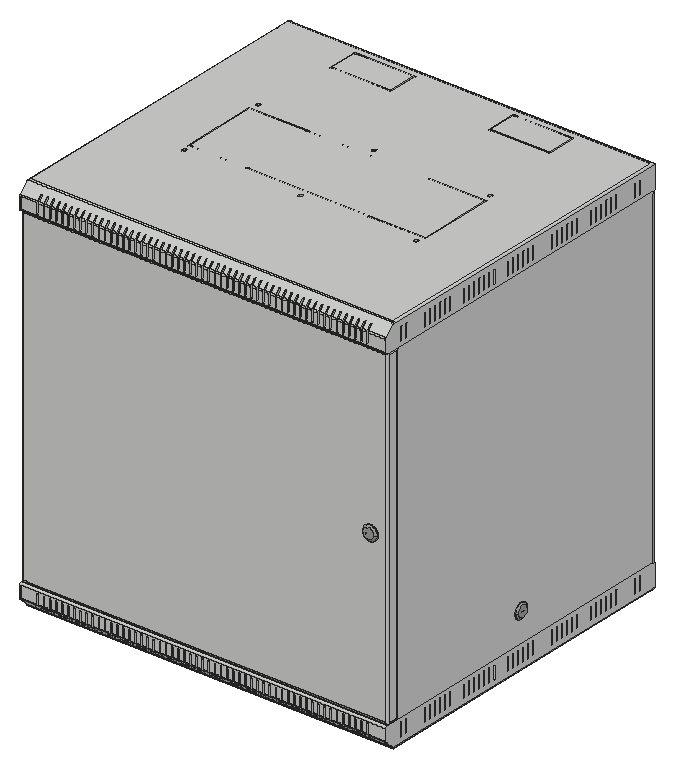
Revit family "600х550", category Обобщенные модели, Revit 2019 (continued)
Definition of nested family "Крышка 550"
  Forms (mm)
    Extrusion 71, void, detail levels medium+fine
      sketch origin (-262.566, 67.262, 0) x (1, 0, 0) y (0, 1, 0)
        loop
          arc (34.066, 172.333) -> (32.566, 173.833) -> (31.066, 172.333) r 1.5
      from 540 to 550 <- "ADSK_Размер_Глубина"
    Extrusion 72, void, detail levels medium+fine
      sketch origin (-252.566, 67.262, 0) x (1, 0, 0) y (0, 1, 0)
        loop
          line (31.066, 172.333) -> (31.066, 148.933)
          arc (31.066, 148.933) -> (32.566, 147.433) -> (34.066, 148.933) r 1.5
          line (34.066, 148.933) -> (34.066, 172.333)
          arc (34.066, 172.333) -> (32.566, 173.833) -> (31.066, 172.333) r 1.5
      from 540 to 550 <- "ADSK_Размер_Глубина"
    Extrusion 73, void, detail levels medium+fine
      sketch origin (-242.566, 67.262, 0) x (1, 0, 0) y (0, 1, 0)
        loop
          line (31.066, 172.333) -> (31.066, 148.933)
          arc (31.066, 148.933) -> (32.566, 147.433) -> (34.066, 148.933) r 1.5
          line (34.066, 148.933) -> (34.066, 172.333)
          arc (34.066, 172.333) -> (32.566, 173.833) -> (31.066, 172.333) r 1.5
      from 540 to 550 <- "ADSK_Размер_Глубина"
    Extrusion 74, void, detail levels medium+fine
      sketch origin (-232.566, 67.262, 0) x (1, 0, 0) y (0, 1, 0)
        loop
          line (31.066, 172.333) -> (31.066, 148.933)
          arc (31.066, 148.933) -> (32.566, 147.433) -> (34.066, 148.933) r 1.5
          line (34.066, 148.933) -> (34.066, 172.333)
          arc (34.066, 172.333) -> (32.566, 173.833) -> (31.066, 172.333) r 1.5
      from 540 to 550 <- "ADSK_Размер_Глубина"
    Extrusion 75, void, detail levels medium+fine
      sketch origin (-222.566, 67.262, 0) x (1, 0, 0) y (0, 1, 0)
        loop
          line (31.066, 172.333) -> (31.066, 148.933)
          arc (31.066, 148.933) -> (32.566, 147.433) -> (34.066, 148.933) r 1.5
          line (34.066, 148.933) -> (34.066, 172.333)
          arc (34.066, 172.333) -> (32.566, 173.833) -> (31.066, 172.333) r 1.5
      from 540 to 550 <- "ADSK_Размер_Глубина"
    Extrusion 76, void, detail levels medium+fine
      sketch origin (-212.566, 67.262, 0) x (1, 0, 0) y (0, 1, 0)
        loop
          line (31.066, 172.333) -> (31.066, 148.933)
          arc (31.066, 148.933) -> (32.566, 147.433) -> (34.066, 148.933) r 1.5
          line (34.066, 148.933) -> (34.066, 172.333)
          arc (34.066, 172.333) -> (32.566, 173.833) -> (31.066, 172.333) r 1.5
      from 540 to 550 <- "ADSK_Размер_Глубина"
    Extrusion 77, void, detail levels medium+fine
      sketch origin (-202.566, 67.262, 0) x (1, 0, 0) y (0, 1, 0)
        loop
          line (31.066, 172.333) -> (31.066, 148.933)
          arc (31.066, 148.933) -> (32.566, 147.433) -> (34.066, 148.933) r 1.5
          line (34.066, 148.933) -> (34.066, 172.333)
          arc (34.066, 172.333) -> (32.566, 173.833) -> (31.066, 172.333) r 1.5
      from 540 to 550 <- "ADSK_Размер_Глубина"
    Extrusion 78, void, detail levels medium+fine
      sketch origin (-192.566, 67.262, 0) x (1, 0, 0) y (0, 1, 0)
        loop
          line (31.066, 172.333) -> (31.066, 148.933)
          arc (31.066, 148.933) -> (32.566, 147.433) -> (34.066, 148.933) r 1.5
          line (34.066, 148.933) -> (34.066, 172.333)
          arc (34.066, 172.333) -> (32.566, 173.833) -> (31.066, 172.333) r 1.5
      from 540 to 550 <- "ADSK_Размер_Глубина"
    Extrusion 79, void, detail levels medium+fine
      sketch origin (-182.566, 67.262, 0) x (1, 0, 0) y (0, 1, 0)
        loop
          line (31.066, 172.333) -> (31.066, 148.933)
          arc (31.066, 148.933) -> (32.566, 147.433) -> (34.066, 148.933) r 1.5
          line (34.066, 148.933) -> (34.066, 172.333)
          arc (34.066, 172.333) -> (32.566, 173.833) -> (31.066, 172.333) r 1.5
      from 540 to 550 <- "ADSK_Размер_Глубина"
    Extrusion 80, void, detail levels medium+fine
      sketch origin (-172.566, 67.262, 0) x (1, 0, 0) y (0, 1, 0)
        loop
          line (31.066, 172.333) -> (31.066, 148.933)
          arc (31.066, 148.933) -> (32.566, 147.433) -> (34.066, 148.933) r 1.5
          line (34.066, 148.933) -> (34.066, 172.333)
          arc (34.066, 172.333) -> (32.566, 173.833) -> (31.066, 172.333) r 1.5
      from 540 to 550 <- "ADSK_Размер_Глубина"
    Extrusion 81, void, detail levels medium+fine
      sketch origin (-162.566, 67.262, 0) x (1, 0, 0) y (0, 1, 0)
        loop
          line (31.066, 172.333) -> (31.066, 148.933)
          arc (31.066, 148.933) -> (32.566, 147.433) -> (34.066, 148.933) r 1.5
          line (34.066, 148.933) -> (34.066, 172.333)
          arc (34.066, 172.333) -> (32.566, 173.833) -> (31.066, 172.333) r 1.5
      from 540 to 550 <- "ADSK_Размер_Глубина"
    Extrusion 82, void, detail levels medium+fine
      sketch origin (-152.566, 67.262, 0) x (1, 0, 0) y (0, 1, 0)
        loop
          line (31.066, 172.333) -> (31.066, 148.933)
          arc (31.066, 148.933) -> (32.566, 147.433) -> (34.066, 148.933) r 1.5
          line (34.066, 148.933) -> (34.066, 172.333)
          arc (34.066, 172.333) -> (32.566, 173.833) -> (31.066, 172.333) r 1.5
      from 540 to 550 <- "ADSK_Размер_Глубина"
    Extrusion 83, void, detail levels medium+fine
      sketch origin (-142.566, 67.262, 0) x (1, 0, 0) y (0, 1, 0)
        loop
          line (31.066, 172.333) -> (31.066, 148.933)
          arc (31.066, 148.933) -> (32.566, 147.433) -> (34.066, 148.933) r 1.5
          line (34.066, 148.933) -> (34.066, 172.333)
          arc (34.066, 172.333) -> (32.566, 173.833) -> (31.066, 172.333) r 1.5
      from 540 to 550 <- "ADSK_Размер_Глубина"
    Extrusion 84, void, detail levels medium+fine
      sketch origin (-132.566, 67.262, 0) x (1, 0, 0) y (0, 1, 0)
        loop
          line (31.066, 172.333) -> (31.066, 148.933)
          arc (31.066, 148.933) -> (32.566, 147.433) -> (34.066, 148.933) r 1.5
          line (34.066, 148.933) -> (34.066, 172.333)
          arc (34.066, 172.333) -> (32.566, 173.833) -> (31.066, 172.333) r 1.5
      from 540 to 550 <- "ADSK_Размер_Глубина"
    Extrusion 85, void, detail levels medium+fine
      sketch origin (-122.566, 67.262, 0) x (1, 0, 0) y (0, 1, 0)
        loop
          line (31.066, 172.333) -> (31.066, 148.933)
          arc (31.066, 148.933) -> (32.566, 147.433) -> (34.066, 148.933) r 1.5
          line (34.066, 148.933) -> (34.066, 172.333)
          arc (34.066, 172.333) -> (32.566, 173.833) -> (31.066, 172.333) r 1.5
      from 540 to 550 <- "ADSK_Размер_Глубина"
    Extrusion 86, void, detail levels medium+fine
      sketch origin (-112.566, 67.262, 0) x (1, 0, 0) y (0, 1, 0)
        loop
          line (31.066, 172.333) -> (31.066, 148.933)
          arc (31.066, 148.933) -> (32.566, 147.433) -> (34.066, 148.933) r 1.5
          line (34.066, 148.933) -> (34.066, 172.333)
          arc (34.066, 172.333) -> (32.566, 173.833) -> (31.066, 172.333) r 1.5
      from 540 to 550 <- "ADSK_Размер_Глубина"
    Extrusion 87, void, detail levels medium+fine
      sketch origin (-102.566, 67.262, 0) x (1, 0, 0) y (0, 1, 0)
        loop
          line (31.066, 172.333) -> (31.066, 148.933)
          arc (31.066, 148.933) -> (32.566, 147.433) -> (34.066, 148.933) r 1.5
          line (34.066, 148.933) -> (34.066, 172.333)
          arc (34.066, 172.333) -> (32.566, 173.833) -> (31.066, 172.333) r 1.5
      from 540 to 550 <- "ADSK_Размер_Глубина"
    Extrusion 88, void, detail levels medium+fine
      sketch origin (-92.566, 67.262, 0) x (1, 0, 0) y (0, 1, 0)
        loop
          line (31.066, 172.333) -> (31.066, 148.933)
          arc (31.066, 148.933) -> (32.566, 147.433) -> (34.066, 148.933) r 1.5
          line (34.066, 148.933) -> (34.066, 172.333)
          arc (34.066, 172.333) -> (32.566, 173.833) -> (31.066, 172.333) r 1.5
      from 540 to 550 <- "ADSK_Размер_Глубина"
    Extrusion 89, void, detail levels medium+fine
      sketch origin (-82.566, 67.262, 0) x (1, 0, 0) y (0, 1, 0)
        loop
          line (31.066, 172.333) -> (31.066, 148.933)
          arc (31.066, 148.933) -> (32.566, 147.433) -> (34.066, 148.933) r 1.5
          line (34.066, 148.933) -> (34.066, 172.333)
          arc (34.066, 172.333) -> (32.566, 173.833) -> (31.066, 172.333) r 1.5
      from 540 to 550 <- "ADSK_Размер_Глубина"
    Extrusion 90, void, detail levels medium+fine
      sketch origin (-72.566, 67.262, 0) x (1, 0, 0) y (0, 1, 0)
        loop
          line (31.066, 172.333) -> (31.066, 148.933)
          arc (31.066, 148.933) -> (32.566, 147.433) -> (34.066, 148.933) r 1.5
          line (34.066, 148.933) -> (34.066, 172.333)
          arc (34.066, 172.333) -> (32.566, 173.833) -> (31.066, 172.333) r 1.5
      from 540 to 550 <- "ADSK_Размер_Глубина"
    Extrusion 91, void, detail levels medium+fine
      sketch origin (-62.566, 67.262, 0) x (1, 0, 0) y (0, 1, 0)
        loop
          line (31.066, 172.333) -> (31.066, 148.933)
          arc (31.066, 148.933) -> (32.566, 147.433) -> (34.066, 148.933) r 1.5
          line (34.066, 148.933) -> (34.066, 172.333)
          arc (34.066, 172.333) -> (32.566, 173.833) -> (31.066, 172.333) r 1.5
      from 540 to 550 <- "ADSK_Размер_Глубина"
    Extrusion 92, void, detail levels medium+fine
      sketch origin (-52.566, 67.262, 0) x (1, 0, 0) y (0, 1, 0)
        loop
          line (31.066, 172.333) -> (31.066, 148.933)
          arc (31.066, 148.933) -> (32.566, 147.433) -> (34.066, 148.933) r 1.5
          line (34.066, 148.933) -> (34.066, 172.333)
          arc (34.066, 172.333) -> (32.566, 173.833) -> (31.066, 172.333) r 1.5
      from 540 to 550 <- "ADSK_Размер_Глубина"
    Extrusion 93, void, detail levels medium+fine
      sketch origin (-42.566, 67.262, 0) x (1, 0, 0) y (0, 1, 0)
        loop
          line (31.066, 172.333) -> (31.066, 148.933)
          arc (31.066, 148.933) -> (32.566, 147.433) -> (34.066, 148.933) r 1.5
          line (34.066, 148.933) -> (34.066, 172.333)
          arc (34.066, 172.333) -> (32.566, 173.833) -> (31.066, 172.333) r 1.5
      from 540 to 550 <- "ADSK_Размер_Глубина"
    Extrusion 94, void, detail levels medium+fine
      sketch origin (-32.566, 67.262, 0) x (1, 0, 0) y (0, 1, 0)
        loop
          line (31.066, 172.333) -> (31.066, 148.933)
          arc (31.066, 148.933) -> (32.566, 147.433) -> (34.066, 148.933) r 1.5
          line (34.066, 148.933) -> (34.066, 172.333)
          arc (34.066, 172.333) -> (32.566, 173.833) -> (31.066, 172.333) r 1.5
      from 540 to 550 <- "ADSK_Размер_Глубина"
    Extrusion 95, void, detail levels medium+fine
      sketch origin (-22.566, 67.262, 0) x (1, 0, 0) y (0, 1, 0)
        loop
          line (31.066, 172.333) -> (31.066, 148.933)
          arc (31.066, 148.933) -> (32.566, 147.433) -> (34.066, 148.933) r 1.5
          line (34.066, 148.933) -> (34.066, 172.333)
          arc (34.066, 172.333) -> (32.566, 173.833) -> (31.066, 172.333) r 1.5
      from 540 to 550 <- "ADSK_Размер_Глубина"
    Extrusion 96, void, detail levels medium+fine
      sketch origin (-12.566, 67.262, 0) x (1, 0, 0) y (0, 1, 0)
        loop
          line (31.066, 172.333) -> (31.066, 148.933)
          arc (31.066, 148.933) -> (32.566, 147.433) -> (34.066, 148.933) r 1.5
          line (34.066, 148.933) -> (34.066, 172.333)
          arc (34.066, 172.333) -> (32.566, 173.833) -> (31.066, 172.333) r 1.5
      from 540 to 550 <- "ADSK_Размер_Глубина"
    Extrusion 97, void, detail levels medium+fine
      sketch origin (-2.566, 67.262, 0) x (1, 0, 0) y (0, 1, 0)
        loop
          line (31.066, 172.333) -> (31.066, 148.933)
          arc (31.066, 148.933) -> (32.566, 147.433) -> (34.066, 148.933) r 1.5
          line (34.066, 148.933) -> (34.066, 172.333)
          arc (34.066, 172.333) -> (32.566, 173.833) -> (31.066, 172.333) r 1.5
      from 540 to 550 <- "ADSK_Размер_Глубина"
    Extrusion 98, void, detail levels medium+fine
      sketch origin (7.434, 67.262, 0) x (1, 0, 0) y (0, 1, 0)
        loop
          line (31.066, 172.333) -> (31.066, 148.933)
          arc (31.066, 148.933) -> (32.566, 147.433) -> (34.066, 148.933) r 1.5
          line (34.066, 148.933) -> (34.066, 172.333)
          arc (34.066, 172.333) -> (32.566, 173.833) -> (31.066, 172.333) r 1.5
      from 540 to 550 <- "ADSK_Размер_Глубина"
    Extrusion 99, void, detail levels medium+fine
      sketch origin (17.434, 67.262, 0) x (1, 0, 0) y (0, 1, 0)
        loop
          line (31.066, 172.333) -> (31.066, 148.933)
          arc (31.066, 148.933) -> (32.566, 147.433) -> (34.066, 148.933) r 1.5
          line (34.066, 148.933) -> (34.066, 172.333)
          arc (34.066, 172.333) -> (32.566, 173.833) -> (31.066, 172.333) r 1.5
      from 540 to 550 <- "ADSK_Размер_Глубина"
    Extrusion 100, void, detail levels medium+fine
      sketch origin (27.434, 67.262, 0) x (1, 0, 0) y (0, 1, 0)
        loop
          line (31.066, 172.333) -> (31.066, 148.933)
          arc (31.066, 148.933) -> (32.566, 147.433) -> (34.066, 148.933) r 1.5
          line (34.066, 148.933) -> (34.066, 172.333)
          arc (34.066, 172.333) -> (32.566, 173.833) -> (31.066, 172.333) r 1.5
      from 540 to 550 <- "ADSK_Размер_Глубина"
    Extrusion 101, void, detail levels medium+fine
      sketch origin (37.434, 67.262, 0) x (1, 0, 0) y (0, 1, 0)
        loop
          line (31.066, 172.333) -> (31.066, 148.933)
          arc (31.066, 148.933) -> (32.566, 147.433) -> (34.066, 148.933) r 1.5
          line (34.066, 148.933) -> (34.066, 172.333)
          arc (34.066, 172.333) -> (32.566, 173.833) -> (31.066, 172.333) r 1.5
      from 540 to 550 <- "ADSK_Размер_Глубина"
    Extrusion 102, void, detail levels medium+fine
      sketch origin (47.434, 67.262, 0) x (1, 0, 0) y (0, 1, 0)
        loop
          line (31.066, 172.333) -> (31.066, 148.933)
          arc (31.066, 148.933) -> (32.566, 147.433) -> (34.066, 148.933) r 1.5
          line (34.066, 148.933) -> (34.066, 172.333)
          arc (34.066, 172.333) -> (32.566, 173.833) -> (31.066, 172.333) r 1.5
      from 540 to 550 <- "ADSK_Размер_Глубина"
    Extrusion 103, void, detail levels medium+fine
      sketch origin (57.434, 67.262, 0) x (1, 0, 0) y (0, 1, 0)
        loop
          line (31.066, 172.333) -> (31.066, 148.933)
          arc (31.066, 148.933) -> (32.566, 147.433) -> (34.066, 148.933) r 1.5
          line (34.066, 148.933) -> (34.066, 172.333)
          arc (34.066, 172.333) -> (32.566, 173.833) -> (31.066, 172.333) r 1.5
      from 540 to 550 <- "ADSK_Размер_Глубина"
    Extrusion 104, void, detail levels medium+fine
      sketch origin (67.434, 67.262, 0) x (1, 0, 0) y (0, 1, 0)
        loop
          line (31.066, 172.333) -> (31.066, 148.933)
          arc (31.066, 148.933) -> (32.566, 147.433) -> (34.066, 148.933) r 1.5
          line (34.066, 148.933) -> (34.066, 172.333)
          arc (34.066, 172.333) -> (32.566, 173.833) -> (31.066, 172.333) r 1.5
      from 540 to 550 <- "ADSK_Размер_Глубина"
    Extrusion 105, void, detail levels medium+fine
      sketch origin (77.434, 67.262, 0) x (1, 0, 0) y (0, 1, 0)
        loop
          line (31.066, 172.333) -> (31.066, 148.933)
          arc (31.066, 148.933) -> (32.566, 147.433) -> (34.066, 148.933) r 1.5
          line (34.066, 148.933) -> (34.066, 172.333)
          arc (34.066, 172.333) -> (32.566, 173.833) -> (31.066, 172.333) r 1.5
      from 540 to 550 <- "ADSK_Размер_Глубина"
    Extrusion 106, void, detail levels medium+fine
      sketch origin (87.434, 67.262, 0) x (1, 0, 0) y (0, 1, 0)
        loop
          line (31.066, 172.333) -> (31.066, 148.933)
          arc (31.066, 148.933) -> (32.566, 147.433) -> (34.066, 148.933) r 1.5
          line (34.066, 148.933) -> (34.066, 172.333)
          arc (34.066, 172.333) -> (32.566, 173.833) -> (31.066, 172.333) r 1.5
      from 540 to 550 <- "ADSK_Размер_Глубина"
    Extrusion 107, void, detail levels medium+fine
      sketch origin (97.434, 67.262, 0) x (1, 0, 0) y (0, 1, 0)
        loop
          line (31.066, 172.333) -> (31.066, 148.933)
          arc (31.066, 148.933) -> (32.566, 147.433) -> (34.066, 148.933) r 1.5
          line (34.066, 148.933) -> (34.066, 172.333)
          arc (34.066, 172.333) -> (32.566, 173.833) -> (31.066, 172.333) r 1.5
      from 540 to 550 <- "ADSK_Размер_Глубина"
    Extrusion 108, void, detail levels medium+fine
      sketch origin (107.434, 67.262, 0) x (1, 0, 0) y (0, 1, 0)
        loop
          line (31.066, 172.333) -> (31.066, 148.933)
          arc (31.066, 148.933) -> (32.566, 147.433) -> (34.066, 148.933) r 1.5
          line (34.066, 148.933) -> (34.066, 172.333)
          arc (34.066, 172.333) -> (32.566, 173.833) -> (31.066, 172.333) r 1.5
      from 540 to 550 <- "ADSK_Размер_Глубина"
    Extrusion 109, void, detail levels medium+fine
      sketch origin (117.434, 67.262, 0) x (1, 0, 0) y (0, 1, 0)
        loop
          line (31.066, 172.333) -> (31.066, 148.933)
          arc (31.066, 148.933) -> (32.566, 147.433) -> (34.066, 148.933) r 1.5
          line (34.066, 148.933) -> (34.066, 172.333)
          arc (34.066, 172.333) -> (32.566, 173.833) -> (31.066, 172.333) r 1.5
      from 540 to 550 <- "ADSK_Размер_Глубина"
    Extrusion 110, void, detail levels medium+fine
      sketch origin (127.434, 67.262, 0) x (1, 0, 0) y (0, 1, 0)
        loop
          line (31.066, 172.333) -> (31.066, 148.933)
          arc (31.066, 148.933) -> (32.566, 147.433) -> (34.066, 148.933) r 1.5
          line (34.066, 148.933) -> (34.066, 172.333)
          arc (34.066, 172.333) -> (32.566, 173.833) -> (31.066, 172.333) r 1.5
      from 540 to 550 <- "ADSK_Размер_Глубина"
    Extrusion 111, void, detail levels medium+fine
      sketch origin (137.434, 67.262, 0) x (1, 0, 0) y (0, 1, 0)
        loop
          line (31.066, 172.333) -> (31.066, 148.933)
          arc (31.066, 148.933) -> (32.566, 147.433) -> (34.066, 148.933) r 1.5
          line (34.066, 148.933) -> (34.066, 172.333)
          arc (34.066, 172.333) -> (32.566, 173.833) -> (31.066, 172.333) r 1.5
      from 540 to 550 <- "ADSK_Размер_Глубина"
    Extrusion 112, void, detail levels medium+fine
      sketch origin (147.434, 67.262, 0) x (1, 0, 0) y (0, 1, 0)
        loop
          line (31.066, 172.333) -> (31.066, 148.933)
          arc (31.066, 148.933) -> (32.566, 147.433) -> (34.066, 148.933) r 1.5
          line (34.066, 148.933) -> (34.066, 172.333)
          arc (34.066, 172.333) -> (32.566, 173.833) -> (31.066, 172.333) r 1.5
      from 540 to 550 <- "ADSK_Размер_Глубина"
    Extrusion 113, void, detail levels medium+fine
      sketch origin (157.434, 67.262, 0) x (1, 0, 0) y (0, 1, 0)
        loop
          line (31.066, 172.333) -> (31.066, 148.933)
          arc (31.066, 148.933) -> (32.566, 147.433) -> (34.066, 148.933) r 1.5
          line (34.066, 148.933) -> (34.066, 172.333)
          arc (34.066, 172.333) -> (32.566, 173.833) -> (31.066, 172.333) r 1.5
      from 540 to 550 <- "ADSK_Размер_Глубина"
    Extrusion 114, void, detail levels medium+fine
      sketch origin (167.434, 67.262, 0) x (1, 0, 0) y (0, 1, 0)
        loop
          line (31.066, 172.333) -> (31.066, 148.933)
          arc (31.066, 148.933) -> (32.566, 147.433) -> (34.066, 148.933) r 1.5
          line (34.066, 148.933) -> (34.066, 172.333)
          arc (34.066, 172.333) -> (32.566, 173.833) -> (31.066, 172.333) r 1.5
      from 540 to 550 <- "ADSK_Размер_Глубина"
    Extrusion 115, void, detail levels medium+fine
      sketch origin (177.434, 67.262, 0) x (1, 0, 0) y (0, 1, 0)
        loop
          line (31.066, 172.333) -> (31.066, 148.933)
          arc (31.066, 148.933) -> (32.566, 147.433) -> (34.066, 148.933) r 1.5
          line (34.066, 148.933) -> (34.066, 172.333)
          arc (34.066, 172.333) -> (32.566, 173.833) -> (31.066, 172.333) r 1.5
      from 540 to 550 <- "ADSK_Размер_Глубина"
    Extrusion 116, void, detail levels medium+fine
      sketch origin (187.434, 67.262, 0) x (1, 0, 0) y (0, 1, 0)
        loop
          line (31.066, 172.333) -> (31.066, 148.933)
          arc (31.066, 148.933) -> (32.566, 147.433) -> (34.066, 148.933) r 1.5
          line (34.066, 148.933) -> (34.066, 172.333)
          arc (34.066, 172.333) -> (32.566, 173.833) -> (31.066, 172.333) r 1.5
      from 540 to 550 <- "ADSK_Размер_Глубина"
    Extrusion 117, void, detail levels medium+fine
      sketch origin (197.434, 67.262, 0) x (1, 0, 0) y (0, 1, 0)
        loop
          line (31.066, 172.333) -> (31.066, 148.933)
          arc (31.066, 148.933) -> (32.566, 147.433) -> (34.066, 148.933) r 1.5
          line (34.066, 148.933) -> (34.066, 172.333)
          arc (34.066, 172.333) -> (32.566, 173.833) -> (31.066, 172.333) r 1.5
      from 540 to 550 <- "ADSK_Размер_Глубина"
    Extrusion 118, void, detail levels medium+fine
      sketch origin (207.434, 67.262, 0) x (1, 0, 0) y (0, 1, 0)
        loop
          line (31.066, 172.333) -> (31.066, 148.933)
          arc (31.066, 148.933) -> (32.566, 147.433) -> (34.066, 148.933) r 1.5
          line (34.066, 148.933) -> (34.066, 172.333)
          arc (34.066, 172.333) -> (32.566, 173.833) -> (31.066, 172.333) r 1.5
      from 540 to 550 <- "ADSK_Размер_Глубина"
    Extrusion 119, void, detail levels medium+fine
      sketch origin (217.434, 67.262, 0) x (1, 0, 0) y (0, 1, 0)
        loop
          line (31.066, 172.333) -> (31.066, 148.933)
          arc (31.066, 148.933) -> (32.566, 147.433) -> (34.066, 148.933) r 1.5
          line (34.066, 148.933) -> (34.066, 172.333)
          arc (34.066, 172.333) -> (32.566, 173.833) -> (31.066, 172.333) r 1.5
      from 540 to 550 <- "ADSK_Размер_Глубина"
    Extrusion 120, void, detail levels medium+fine
      sketch origin (227.434, 67.262, 0) x (1, 0, 0) y (0, 1, 0)
        loop
          line (31.066, 172.333) -> (31.066, 148.933)
          arc (31.066, 148.933) -> (32.566, 147.433) -> (34.066, 148.933) r 1.5
          line (34.066, 148.933) -> (34.066, 172.333)
          arc (34.066, 172.333) -> (32.566, 173.833) -> (31.066, 172.333) r 1.5
      from 540 to 550 <- "ADSK_Размер_Глубина"
    Extrusion 121, void, detail levels medium+fine
      sketch origin (237.434, 67.262, 0) x (1, 0, 0) y (0, 1, 0)
        loop
          line (31.066, 172.333) -> (31.066, 148.933)
          arc (31.066, 148.933) -> (32.566, 147.433) -> (34.066, 148.933) r 1.5
          line (34.066, 148.933) -> (34.066, 172.333)
          arc (34.066, 172.333) -> (32.566, 173.833) -> (31.066, 172.333) r 1.5
      from 540 to 550 <- "ADSK_Размер_Глубина"
    Extrusion 122, void, detail levels medium+fine
      sketch origin (0, 0, -154.506) x (0, 1, 0) y (0, 0, -1)
        loop
          arc (238.196, -526.499) -> (239.942, -524.752) -> (238.196, -523.006) r 1.747
          line (238.196, -523.006) -> (216.196, -523.006)
          arc (216.196, -523.006) -> (214.449, -524.752) -> (216.196, -526.499) r 1.747
          line (216.196, -526.499) -> (238.196, -526.499)
      from 299 to 300
    Extrusion 123, void, detail levels medium+fine
      sketch origin (0, 0, -174.506) x (0, 1, 0) y (0, 0, -1)
        loop
          arc (238.196, -526.499) -> (239.942, -524.752) -> (238.196, -523.006) r 1.747
          line (238.196, -523.006) -> (216.196, -523.006)
          arc (216.196, -523.006) -> (214.449, -524.752) -> (216.196, -526.499) r 1.747
          line (216.196, -526.499) -> (238.196, -526.499)
      from 299 to 300
    Extrusion 124, void, detail levels medium+fine
      sketch origin (0, 0, -164.506) x (0, 1, 0) y (0, 0, -1)
        loop
          arc (238.196, -526.499) -> (239.942, -524.752) -> (238.196, -523.006) r 1.747
          line (238.196, -523.006) -> (216.196, -523.006)
          arc (216.196, -523.006) -> (214.449, -524.752) -> (216.196, -526.499) r 1.747
          line (216.196, -526.499) -> (238.196, -526.499)
      from 299 to 300
    Extrusion 125, void, detail levels medium+fine
      sketch origin (0, 0, -184.506) x (0, 1, 0) y (0, 0, -1)
        loop
          arc (238.196, -526.499) -> (239.942, -524.752) -> (238.196, -523.006) r 1.747
          line (238.196, -523.006) -> (216.196, -523.006)
          arc (216.196, -523.006) -> (214.449, -524.752) -> (216.196, -526.499) r 1.747
          line (216.196, -526.499) -> (238.196, -526.499)
      from 299 to 300
    Extrusion 126, void, detail levels medium+fine
      sketch origin (0, 0, -204.506) x (0, 1, 0) y (0, 0, -1)
        loop
          arc (238.196, -426.499) -> (239.942, -424.752) -> (238.196, -423.006) r 1.747
          line (238.196, -423.006) -> (216.196, -423.006)
          arc (216.196, -423.006) -> (214.449, -424.752) -> (216.196, -426.499) r 1.747
          line (216.196, -426.499) -> (238.196, -426.499)
      from 299 to 300
    Extrusion 127, void, detail levels medium+fine
      sketch origin (0, 0, -194.506) x (0, 1, 0) y (0, 0, -1)
        loop
          arc (238.196, -526.499) -> (239.942, -524.752) -> (238.196, -523.006) r 1.747
          line (238.196, -523.006) -> (216.196, -523.006)
          arc (216.196, -523.006) -> (214.449, -524.752) -> (216.196, -526.499) r 1.747
          line (216.196, -526.499) -> (238.196, -526.499)
      from 299 to 300
    Extrusion 128, void, detail levels medium+fine
      sketch origin (0, 0, -214.506) x (0, 1, 0) y (0, 0, -1)
        loop
          arc (238.196, -426.499) -> (239.942, -424.752) -> (238.196, -423.006) r 1.747
          line (238.196, -423.006) -> (216.196, -423.006)
          arc (216.196, -423.006) -> (214.449, -424.752) -> (216.196, -426.499) r 1.747
          line (216.196, -426.499) -> (238.196, -426.499)
      from 299 to 300
    Extrusion 129, void, detail levels medium+fine
      sketch origin (0, 0, -234.506) x (0, 1, 0) y (0, 0, -1)
        loop
          arc (238.196, -426.499) -> (239.942, -424.752) -> (238.196, -423.006) r 1.747
          line (238.196, -423.006) -> (216.196, -423.006)
          arc (216.196, -423.006) -> (214.449, -424.752) -> (216.196, -426.499) r 1.747
          line (216.196, -426.499) -> (238.196, -426.499)
      from 299 to 300
    Extrusion 130, void, detail levels medium+fine
      sketch origin (0, 0, -224.506) x (0, 1, 0) y (0, 0, -1)
        loop
          arc (238.196, -426.499) -> (239.942, -424.752) -> (238.196, -423.006) r 1.747
          line (238.196, -423.006) -> (216.196, -423.006)
          arc (216.196, -423.006) -> (214.449, -424.752) -> (216.196, -426.499) r 1.747
          line (216.196, -426.499) -> (238.196, -426.499)
      from 299 to 300
    Extrusion 131, void, detail levels medium+fine
      sketch origin (0, 0, -244.506) x (0, 1, 0) y (0, 0, -1)
        loop
          arc (238.196, -426.499) -> (239.942, -424.752) -> (238.196, -423.006) r 1.747
          line (238.196, -423.006) -> (216.196, -423.006)
          arc (216.196, -423.006) -> (214.449, -424.752) -> (216.196, -426.499) r 1.747
          line (216.196, -426.499) -> (238.196, -426.499)
      from 299 to 300
    Extrusion 132, void, detail levels medium+fine
      sketch origin (0, 0, -194.506) x (0, 1, 0) y (0, 0, 1)
        loop
          line (238.196, 526.499) -> (216.196, 526.499)
          arc (216.196, 526.499) -> (214.449, 524.752) -> (216.196, 523.006) r 1.747
          line (216.196, 523.006) -> (238.196, 523.006)
          arc (238.196, 523.006) -> (239.942, 524.752) -> (238.196, 526.499) r 1.747
      from 299 to 300
    Extrusion 133, void, detail levels medium+fine
      sketch origin (0, 0, -184.506) x (0, 1, 0) y (0, 0, 1)
        loop
          line (238.196, 526.499) -> (216.196, 526.499)
          arc (216.196, 526.499) -> (214.449, 524.752) -> (216.196, 523.006) r 1.747
          line (216.196, 523.006) -> (238.196, 523.006)
          arc (238.196, 523.006) -> (239.942, 524.752) -> (238.196, 526.499) r 1.747
      from 299 to 300
    Extrusion 134, void, detail levels medium+fine
      sketch origin (0, 0, -174.506) x (0, 1, 0) y (0, 0, 1)
        loop
          line (238.196, 526.499) -> (216.196, 526.499)
          arc (216.196, 526.499) -> (214.449, 524.752) -> (216.196, 523.006) r 1.747
          line (216.196, 523.006) -> (238.196, 523.006)
          arc (238.196, 523.006) -> (239.942, 524.752) -> (238.196, 526.499) r 1.747
      from 299 to 300
    Extrusion 135, void, detail levels medium+fine
      sketch origin (0, 0, -164.506) x (0, 1, 0) y (0, 0, 1)
        loop
          line (238.196, 526.499) -> (216.196, 526.499)
          arc (216.196, 526.499) -> (214.449, 524.752) -> (216.196, 523.006) r 1.747
          line (216.196, 523.006) -> (238.196, 523.006)
          arc (238.196, 523.006) -> (239.942, 524.752) -> (238.196, 526.499) r 1.747
      from 299 to 300
    Extrusion 136, void, detail levels medium+fine
      sketch origin (0, 0, -154.506) x (0, 1, 0) y (0, 0, 1)
        loop
          line (238.196, 526.499) -> (216.196, 526.499)
          arc (216.196, 526.499) -> (214.449, 524.752) -> (216.196, 523.006) r 1.747
          line (216.196, 523.006) -> (238.196, 523.006)
          arc (238.196, 523.006) -> (239.942, 524.752) -> (238.196, 526.499) r 1.747
      from 299 to 300
    Extrusion 137, void, detail levels medium+fine
      sketch origin (0, 0, -244.506) x (0, 1, 0) y (0, 0, -1)
        loop
          arc (238.196, -526.499) -> (239.942, -524.752) -> (238.196, -523.006) r 1.747
          line (238.196, -523.006) -> (216.196, -523.006)
          arc (216.196, -523.006) -> (214.449, -524.752) -> (216.196, -526.499) r 1.747
          line (216.196, -526.499) -> (238.196, -526.499)
      from 299 to 300
    Extrusion 138, void, detail levels medium+fine
      sketch origin (0, 0, -234.506) x (0, 1, 0) y (0, 0, -1)
        loop
          arc (238.196, -526.499) -> (239.942, -524.752) -> (238.196, -523.006) r 1.747
          line (238.196, -523.006) -> (216.196, -523.006)
          arc (216.196, -523.006) -> (214.449, -524.752) -> (216.196, -526.499) r 1.747
          line (216.196, -526.499) -> (238.196, -526.499)
      from 299 to 300
    Extrusion 139, void, detail levels medium+fine
      sketch origin (0, 0, -224.506) x (0, 1, 0) y (0, 0, -1)
        loop
          arc (238.196, -526.499) -> (239.942, -524.752) -> (238.196, -523.006) r 1.747
          line (238.196, -523.006) -> (216.196, -523.006)
          arc (216.196, -523.006) -> (214.449, -524.752) -> (216.196, -526.499) r 1.747
          line (216.196, -526.499) -> (238.196, -526.499)
      from 299 to 300
    Extrusion 140, void, detail levels medium+fine
      sketch origin (0, 0, -214.506) x (0, 1, 0) y (0, 0, -1)
        loop
          arc (238.196, -526.499) -> (239.942, -524.752) -> (238.196, -523.006) r 1.747
          line (238.196, -523.006) -> (216.196, -523.006)
          arc (216.196, -523.006) -> (214.449, -524.752) -> (216.196, -526.499) r 1.747
          line (216.196, -526.499) -> (238.196, -526.499)
      from 299 to 300
    Extrusion 141, void, detail levels medium+fine
      sketch origin (0, 0, -204.506) x (0, 1, 0) y (0, 0, -1)
        loop
          arc (238.196, -526.499) -> (239.942, -524.752) -> (238.196, -523.006) r 1.747
          line (238.196, -523.006) -> (216.196, -523.006)
          arc (216.196, -523.006) -> (214.449, -524.752) -> (216.196, -526.499) r 1.747
          line (216.196, -526.499) -> (238.196, -526.499)
      from 299 to 300
    Extrusion 142, void, detail levels medium+fine
      sketch origin (0, 0, -254.506) x (0, 1, 0) y (0, 0, -1)
        loop
          arc (238.196, -526.499) -> (239.942, -524.752) -> (238.196, -523.006) r 1.747
          line (238.196, -523.006) -> (216.196, -523.006)
          arc (216.196, -523.006) -> (214.449, -524.752) -> (216.196, -526.499) r 1.747
          line (216.196, -526.499) -> (238.196, -526.499)
      from 299 to 300
    Extrusion 143, void, detail levels medium+fine
      sketch origin (0, 0, -274.506) x (0, 1, 0) y (0, 0, -1)
        loop
          arc (238.196, -526.499) -> (239.942, -524.752) -> (238.196, -523.006) r 1.747
          line (238.196, -523.006) -> (216.196, -523.006)
          arc (216.196, -523.006) -> (214.449, -524.752) -> (216.196, -526.499) r 1.747
          line (216.196, -526.499) -> (238.196, -526.499)
      from 299 to 300
    Extrusion 144, void, detail levels medium+fine
      sketch origin (0, 0, -264.506) x (0, 1, 0) y (0, 0, -1)
        loop
          arc (238.196, -526.499) -> (239.942, -524.752) -> (238.196, -523.006) r 1.747
          line (238.196, -523.006) -> (216.196, -523.006)
          arc (216.196, -523.006) -> (214.449, -524.752) -> (216.196, -526.499) r 1.747
          line (216.196, -526.499) -> (238.196, -526.499)
      from 299 to 300
    Extrusion 145, void, detail levels medium+fine
      sketch origin (0, 0, -284.506) x (0, 1, 0) y (0, 0, -1)
        loop
          arc (238.196, -526.499) -> (239.942, -524.752) -> (238.196, -523.006) r 1.747
          line (238.196, -523.006) -> (216.196, -523.006)
          arc (216.196, -523.006) -> (214.449, -524.752) -> (216.196, -526.499) r 1.747
          line (216.196, -526.499) -> (238.196, -526.499)
      from 299 to 300
    Extrusion 146, void, detail levels medium+fine
      sketch origin (0, 0, -294.506) x (0, 1, 0) y (0, 0, -1)
        loop
          arc (238.196, -526.499) -> (239.942, -524.752) -> (238.196, -523.006) r 1.747
          line (238.196, -523.006) -> (216.196, -523.006)
          arc (216.196, -523.006) -> (214.449, -524.752) -> (216.196, -526.499) r 1.747
          line (216.196, -526.499) -> (238.196, -526.499)
      from 299 to 300
    Extrusion 147, void, detail levels medium+fine
      sketch origin (0, 0, -244.506) x (0, 1, 0) y (0, 0, 1)
        loop
          line (238.196, 526.499) -> (216.196, 526.499)
          arc (216.196, 526.499) -> (214.449, 524.752) -> (216.196, 523.006) r 1.747
          line (216.196, 523.006) -> (238.196, 523.006)
          arc (238.196, 523.006) -> (239.942, 524.752) -> (238.196, 526.499) r 1.747
      from 299 to 300
    Extrusion 148, void, detail levels medium+fine
      sketch origin (0, 0, -234.506) x (0, 1, 0) y (0, 0, 1)
        loop
          line (238.196, 526.499) -> (216.196, 526.499)
          arc (216.196, 526.499) -> (214.449, 524.752) -> (216.196, 523.006) r 1.747
          line (216.196, 523.006) -> (238.196, 523.006)
          arc (238.196, 523.006) -> (239.942, 524.752) -> (238.196, 526.499) r 1.747
      from 299 to 300
    Extrusion 149, void, detail levels medium+fine
      sketch origin (0, 0, -224.506) x (0, 1, 0) y (0, 0, 1)
        loop
          line (238.196, 526.499) -> (216.196, 526.499)
          arc (216.196, 526.499) -> (214.449, 524.752) -> (216.196, 523.006) r 1.747
          line (216.196, 523.006) -> (238.196, 523.006)
          arc (238.196, 523.006) -> (239.942, 524.752) -> (238.196, 526.499) r 1.747
      from 299 to 300
    Extrusion 150, void, detail levels medium+fine
      sketch origin (0, 0, -214.506) x (0, 1, 0) y (0, 0, 1)
        loop
          line (238.196, 526.499) -> (216.196, 526.499)
          arc (216.196, 526.499) -> (214.449, 524.752) -> (216.196, 523.006) r 1.747
          line (216.196, 523.006) -> (238.196, 523.006)
          arc (238.196, 523.006) -> (239.942, 524.752) -> (238.196, 526.499) r 1.747
      from 299 to 300
    Extrusion 151, void, detail levels medium+fine
      sketch origin (0, 0, -204.506) x (0, 1, 0) y (0, 0, 1)
        loop
          line (238.196, 526.499) -> (216.196, 526.499)
          arc (216.196, 526.499) -> (214.449, 524.752) -> (216.196, 523.006) r 1.747
          line (216.196, 523.006) -> (238.196, 523.006)
          arc (238.196, 523.006) -> (239.942, 524.752) -> (238.196, 526.499) r 1.747
      from 299 to 300
    Extrusion 152, void, detail levels medium+fine
      sketch origin (0, 0, -294.506) x (0, 1, 0) y (0, 0, 1)
        loop
          line (238.196, 526.499) -> (216.196, 526.499)
          arc (216.196, 526.499) -> (214.449, 524.752) -> (216.196, 523.006) r 1.747
          line (216.196, 523.006) -> (238.196, 523.006)
          arc (238.196, 523.006) -> (239.942, 524.752) -> (238.196, 526.499) r 1.747
      from 299 to 300
    Extrusion 153, void, detail levels medium+fine
      sketch origin (0, 0, -284.506) x (0, 1, 0) y (0, 0, 1)
        loop
          line (238.196, 526.499) -> (216.196, 526.499)
          arc (216.196, 526.499) -> (214.449, 524.752) -> (216.196, 523.006) r 1.747
          line (216.196, 523.006) -> (238.196, 523.006)
          arc (238.196, 523.006) -> (239.942, 524.752) -> (238.196, 526.499) r 1.747
      from 299 to 300
    Extrusion 154, void, detail levels medium+fine
      sketch origin (0, 0, -274.506) x (0, 1, 0) y (0, 0, 1)
        loop
          line (238.196, 526.499) -> (216.196, 526.499)
          arc (216.196, 526.499) -> (214.449, 524.752) -> (216.196, 523.006) r 1.747
          line (216.196, 523.006) -> (238.196, 523.006)
          arc (238.196, 523.006) -> (239.942, 524.752) -> (238.196, 526.499) r 1.747
      from 299 to 300
    Extrusion 155, void, detail levels medium+fine
      sketch origin (0, 0, -264.506) x (0, 1, 0) y (0, 0, 1)
        loop
          line (238.196, 526.499) -> (216.196, 526.499)
          arc (216.196, 526.499) -> (214.449, 524.752) -> (216.196, 523.006) r 1.747
          line (216.196, 523.006) -> (238.196, 523.006)
          arc (238.196, 523.006) -> (239.942, 524.752) -> (238.196, 526.499) r 1.747
      from 299 to 300
    Extrusion 156, void, detail levels medium+fine
      sketch origin (0, 0, -254.506) x (0, 1, 0) y (0, 0, 1)
        loop
          line (238.196, 526.499) -> (216.196, 526.499)
          arc (216.196, 526.499) -> (214.449, 524.752) -> (216.196, 523.006) r 1.747
          line (216.196, 523.006) -> (238.196, 523.006)
          arc (238.196, 523.006) -> (239.942, 524.752) -> (238.196, 526.499) r 1.747
      from 299 to 300
    Extrusion 157, void, detail levels medium+fine
      sketch origin (0, 0, -334.506) x (0, 1, 0) y (0, 0, 1)
        loop
          line (238.196, 526.499) -> (216.196, 526.499)
          arc (216.196, 526.499) -> (214.449, 524.752) -> (216.196, 523.006) r 1.747
          line (216.196, 523.006) -> (238.196, 523.006)
          arc (238.196, 523.006) -> (239.942, 524.752) -> (238.196, 526.499) r 1.747
      from 299 to 300
    Extrusion 158, void, detail levels medium+fine
      sketch origin (0, 0, -324.506) x (0, 1, 0) y (0, 0, 1)
        loop
          line (238.196, 526.499) -> (216.196, 526.499)
          arc (216.196, 526.499) -> (214.449, 524.752) -> (216.196, 523.006) r 1.747
          line (216.196, 523.006) -> (238.196, 523.006)
          arc (238.196, 523.006) -> (239.942, 524.752) -> (238.196, 526.499) r 1.747
      from 299 to 300
    Extrusion 159, void, detail levels medium+fine
      sketch origin (0, 0, -314.506) x (0, 1, 0) y (0, 0, 1)
        loop
          line (238.196, 526.499) -> (216.196, 526.499)
          arc (216.196, 526.499) -> (214.449, 524.752) -> (216.196, 523.006) r 1.747
          line (216.196, 523.006) -> (238.196, 523.006)
          arc (238.196, 523.006) -> (239.942, 524.752) -> (238.196, 526.499) r 1.747
      from 299 to 300
    Extrusion 160, void, detail levels medium+fine
      sketch origin (0, 0, -304.506) x (0, 1, 0) y (0, 0, 1)
        loop
          line (238.196, 526.499) -> (216.196, 526.499)
          arc (216.196, 526.499) -> (214.449, 524.752) -> (216.196, 523.006) r 1.747
          line (216.196, 523.006) -> (238.196, 523.006)
          arc (238.196, 523.006) -> (239.942, 524.752) -> (238.196, 526.499) r 1.747
      from 299 to 300
    Extrusion 161, void, detail levels medium+fine
      sketch origin (0, 0, -344.506) x (0, 1, 0) y (0, 0, 1)
        loop
          line (238.196, 526.499) -> (216.196, 526.499)
          arc (216.196, 526.499) -> (214.449, 524.752) -> (216.196, 523.006) r 1.747
          line (216.196, 523.006) -> (238.196, 523.006)
          arc (238.196, 523.006) -> (239.942, 524.752) -> (238.196, 526.499) r 1.747
      from 299 to 300
  Cuts and joins
    Extrusion 3, Extrusion 4, Extrusion 5, Extrusion 6, Extrusion 7, Extrusion 8, Extrusion 9, Extrusion 10, Extrusion 11, Extrusion 12, Extrusion 13, Extrusion 14, Extrusion 15, Extrusion 16, Extrusion 17, Extrusion 18, Extrusion 19, Extrusion 20, Extrusion 21, Extrusion 22, Extrusion 23, Extrusion 24, Extrusion 25, Extrusion 26, Extrusion 27, Extrusion 28, Extrusion 29, Extrusion 30, Extrusion 31, Extrusion 32, Extrusion 33, Extrusion 34, Extrusion 35, Extrusion 36, Extrusion 37, Extrusion 38, Extrusion 39, Extrusion 40, Extrusion 41, Extrusion 42, Extrusion 43, Extrusion 44, Extrusion 45, Extrusion 46, Extrusion 47, Extrusion 48, Extrusion 49, Extrusion 50, Extrusion 51, Extrusion 52, Extrusion 53, Extrusion 54, Extrusion 55, Extrusion 56, Extrusion 57, Extrusion 58, Extrusion 59, Extrusion 60, Extrusion 61, Extrusion 62, Extrusion 63, Extrusion 64, Extrusion 65, Extrusion 66, Extrusion 67, Extrusion 68, Extrusion 69, Extrusion 70, Extrusion 71, Extrusion 72, Extrusion 73, Extrusion 74, Extrusion 75, Extrusion 76, Extrusion 77, Extrusion 78, Extrusion 79, Extrusion 80, Extrusion 81, Extrusion 82, Extrusion 83, Extrusion 84, Extrusion 85, Extrusion 86, Extrusion 87, Extrusion 88, Extrusion 89, Extrusion 90, Extrusion 91, Extrusion 92, Extrusion 93, Extrusion 94, Extrusion 95, Extrusion 96, Extrusion 97, Extrusion 98, Extrusion 99, Extrusion 100, Extrusion 101, Extrusion 102, Extrusion 103, Extrusion 104, Extrusion 105, Extrusion 106, Extrusion 107, Extrusion 108, Extrusion 109, Extrusion 110, Extrusion 111, Extrusion 112, Extrusion 113, Extrusion 114, Extrusion 115, Extrusion 116, Extrusion 117, Extrusion 118, Extrusion 119, Extrusion 120, Extrusion 121, Extrusion 122, Extrusion 123, Extrusion 124, Extrusion 125, Extrusion 126, Extrusion 127, Extrusion 128, Extrusion 129, Extrusion 130, Extrusion 131, Extrusion 132, Extrusion 133, Extrusion 134, Extrusion 135, Extrusion 136, Extrusion 137, Extrusion 138, Extrusion 139, Extrusion 140, Extrusion 141, Extrusion 142, Extrusion 143, Extrusion 144, Extrusion 145, Extrusion 146, Extrusion 147, Extrusion 148, Extrusion 149, Extrusion 150, Extrusion 151, Extrusion 152, Extrusion 153, Extrusion 154, Extrusion 155, Extrusion 156, Extrusion 157, Extrusion 158, Extrusion 159, Extrusion 160, Extrusion 161 cuts Extrusion 2
  Lines and regions (mm)
    reference lines
      curve 1: line (-1.5, 227.896, 0) -> (1.5, 227.896, 0)
      curve 2: line (299, 0, 0) -> (299, 0, 550)
      curve 3: line (-299, 0, 550) -> (-299, 0, 0)
  Dimensions and locks
    equal spacing: plane 5, plane 3 "По центру (Влево/Вправо)", plane 4
    "ADSK_Размер_Ширина": plane 5 to plane 4
    "ADSK_Размер_Глубина": Extrusion 1 to plane 8
    locked: Extrusion 2 to plane 6 at 40
    aligned and locked: plane 2 to Extrusion 1
    aligned and locked: level to Extrusion 1
    aligned and locked: Extrusion 2 to level
    aligned and locked: Extrusion 2 to plane 8
    aligned and locked: plane 4 to Extrusion 2
    aligned and locked: Extrusion 2 to plane 5
    aligned and locked: Extrusion 7 to plane 6
    aligned and locked: Extrusion 5 to plane 6
    aligned and locked: plane 4 to Extrusion 5
    aligned and locked: Extrusion 4 to plane 6
    aligned and locked: Extrusion 4 to plane 5
    aligned and locked: curve 2 to Extrusion 8
  Automatic sketch dimensions
    curve 1 to curve 1 = 3 mm
    Extrusion 1 sketch curve to Extrusion 1 sketch curve = 2438.4 mm  (x2)
    Extrusion 2 sketch curve to level = 0 mm
    plane 8 to Extrusion 2 sketch curve = 0 mm
    Extrusion 2 sketch curve to plane 6 = 0 mm
    plane 6 to Extrusion 2 sketch curve = 0.879 mm
    level to Extrusion 2 sketch curve = 3 mm  (x2)
    plane 6 to Extrusion 2 sketch curve = 3 mm
    plane 8 to Extrusion 2 sketch curve = 0.879 mm
    plane 6 to Extrusion 2 sketch curve = 16.098 mm
    Extrusion 2 sketch curve to Extrusion 2 sketch curve = 2.121 mm
    Extrusion 2 sketch curve to Extrusion 2 sketch curve = 34 mm
    Extrusion 2 sketch curve to Extrusion 2 sketch curve = 3 mm
    plane 8 to Extrusion 2 sketch curve = 18.22 mm
    plane 5 to Extrusion 3 sketch curve = 28.5 mm
    Extrusion 3 sketch curve to Extrusion 3 sketch curve = 1.5 mm
    plane 6 to Extrusion 3 sketch curve = 33.804 mm
    plane 6 to Extrusion 3 sketch curve = 10.404 mm
    Extrusion 4 sketch curve to plane 5 = 0 mm  (x2)
    plane 6 to Extrusion 4 sketch curve = 0 mm  (x2)
    plane 5 to Extrusion 4 sketch curve = 3.029 mm
    Extrusion 4 sketch curve to Extrusion 4 sketch curve = 0 mm  (x2)
    Extrusion 5 sketch curve to plane 4 = 0 mm  (x2)
    plane 6 to Extrusion 5 sketch curve = 0 mm  (x2)
    plane 4 to Extrusion 5 sketch curve = 3.029 mm
    Extrusion 5 sketch curve to Extrusion 5 sketch curve = 0 mm  (x2)
    curve 1 to plane 3 "По центру (Влево/Вправо)" = 1.5 mm
    plane 3 "По центру (Влево/Вправо)" to curve 1 = 1.5 mm
    plane 6 to curve 1 = 22.104 mm
    plane 6 to Extrusion 6 sketch curve = 33.804 mm
    plane 6 to Extrusion 6 sketch curve = 11.804 mm
    level to Extrusion 6 sketch curve = 28.5 mm
    Extrusion 6 sketch curve to Extrusion 6 sketch curve = 1.747 mm
    plane 8 to Extrusion 8 sketch curve = 3.875 mm
    plane 6 to Extrusion 8 sketch curve = 40 mm
    Extrusion 8 sketch curve to Extrusion 8 sketch curve = 0.847 mm  (x2)
    level to Extrusion 8 sketch curve = 0.911 mm
    Extrusion 8 sketch curve to Extrusion 8 sketch curve = 3 mm  (x2)
    Extrusion 8 sketch curve to Extrusion 8 sketch curve = 17.812 mm
    plane 8 to Extrusion 8 sketch curve = 1.753 mm
    Extrusion 8 sketch curve to Extrusion 8 sketch curve = 2.121 mm
    plane 6 to Extrusion 8 sketch curve = 4 mm
    plane 6 to Extrusion 8 sketch curve = 3.997 mm
    plane 6 to Extrusion 8 sketch curve = 1.878 mm
    plane 6 to Extrusion 8 sketch curve = 1 mm
    plane 8 to Extrusion 8 sketch curve = 18.215 mm
    curve 3 to plane 8 = 0 mm
    curve 3 to level = 0 mm
    curve 2 to plane 8 = 0 mm
    curve 2 to level = 0 mm
    plane 5 to curve 3 = 1 mm
    curve 2 to plane 4 = 1 mm
    plane 6 to Extrusion 9 sketch curve = 33.804 mm
    plane 6 to Extrusion 9 sketch curve = 11.804 mm
    level to Extrusion 9 sketch curve = 38.5 mm
    Extrusion 9 sketch curve to Extrusion 9 sketch curve = 1.747 mm
    plane 6 to Extrusion 10 sketch curve = 33.804 mm
    plane 6 to Extrusion 10 sketch curve = 11.804 mm
    level to Extrusion 10 sketch curve = 48.5 mm
    Extrusion 10 sketch curve to Extrusion 10 sketch curve = 1.747 mm
    plane 6 to Extrusion 11 sketch curve = 33.804 mm
    plane 6 to Extrusion 11 sketch curve = 11.804 mm
    level to Extrusion 11 sketch curve = 58.5 mm
    Extrusion 11 sketch curve to Extrusion 11 sketch curve = 1.747 mm
    plane 6 to Extrusion 12 sketch curve = 33.804 mm
    plane 6 to Extrusion 12 sketch curve = 11.804 mm
    level to Extrusion 12 sketch curve = 68.5 mm
    Extrusion 12 sketch curve to Extrusion 12 sketch curve = 1.747 mm
    plane 6 to Extrusion 13 sketch curve = 33.804 mm
    plane 6 to Extrusion 13 sketch curve = 11.804 mm
    level to Extrusion 13 sketch curve = 78.5 mm
    Extrusion 13 sketch curve to Extrusion 13 sketch curve = 1.747 mm
    plane 6 to Extrusion 14 sketch curve = 33.804 mm
    plane 6 to Extrusion 14 sketch curve = 11.804 mm
    level to Extrusion 14 sketch curve = 88.5 mm
    Extrusion 14 sketch curve to Extrusion 14 sketch curve = 1.747 mm
    plane 6 to Extrusion 15 sketch curve = 33.804 mm
    plane 6 to Extrusion 15 sketch curve = 11.804 mm
    level to Extrusion 15 sketch curve = 98.5 mm
    Extrusion 15 sketch curve to Extrusion 15 sketch curve = 1.747 mm
    plane 6 to Extrusion 16 sketch curve = 33.804 mm
    plane 6 to Extrusion 16 sketch curve = 11.804 mm
    level to Extrusion 16 sketch curve = 108.5 mm
    Extrusion 16 sketch curve to Extrusion 16 sketch curve = 1.747 mm
    plane 6 to Extrusion 17 sketch curve = 33.804 mm
    plane 6 to Extrusion 17 sketch curve = 11.804 mm
    level to Extrusion 17 sketch curve = 118.5 mm
    Extrusion 17 sketch curve to Extrusion 17 sketch curve = 1.747 mm
    plane 6 to Extrusion 18 sketch curve = 33.804 mm
    plane 6 to Extrusion 18 sketch curve = 11.804 mm
    level to Extrusion 18 sketch curve = 128.5 mm
    Extrusion 18 sketch curve to Extrusion 18 sketch curve = 1.747 mm
    plane 6 to Extrusion 19 sketch curve = 33.804 mm
    plane 6 to Extrusion 19 sketch curve = 11.804 mm
    level to Extrusion 19 sketch curve = 138.5 mm
    Extrusion 19 sketch curve to Extrusion 19 sketch curve = 1.747 mm
    plane 6 to Extrusion 20 sketch curve = 33.804 mm
    plane 6 to Extrusion 20 sketch curve = 11.804 mm
    level to Extrusion 20 sketch curve = 148.5 mm
    Extrusion 20 sketch curve to Extrusion 20 sketch curve = 1.747 mm
    plane 6 to Extrusion 21 sketch curve = 33.804 mm
    plane 6 to Extrusion 21 sketch curve = 11.804 mm
    level to Extrusion 21 sketch curve = 158.5 mm
    Extrusion 21 sketch curve to Extrusion 21 sketch curve = 1.747 mm
    plane 6 to Extrusion 22 sketch curve = 33.804 mm
    plane 6 to Extrusion 22 sketch curve = 11.804 mm
    level to Extrusion 22 sketch curve = 168.5 mm
    Extrusion 22 sketch curve to Extrusion 22 sketch curve = 1.747 mm
    plane 6 to Extrusion 23 sketch curve = 33.804 mm
    plane 6 to Extrusion 23 sketch curve = 11.804 mm
    plane 8 to Extrusion 23 sketch curve = 171.5 mm
    Extrusion 23 sketch curve to Extrusion 23 sketch curve = 1.747 mm
    plane 6 to Extrusion 24 sketch curve = 33.804 mm
    plane 6 to Extrusion 24 sketch curve = 11.804 mm
    plane 8 to Extrusion 24 sketch curve = 161.5 mm
    Extrusion 24 sketch curve to Extrusion 24 sketch curve = 1.747 mm
    plane 6 to Extrusion 25 sketch curve = 33.804 mm
    plane 6 to Extrusion 25 sketch curve = 11.804 mm
    plane 8 to Extrusion 25 sketch curve = 151.5 mm
    Extrusion 25 sketch curve to Extrusion 25 sketch curve = 1.747 mm
    plane 6 to Extrusion 26 sketch curve = 33.804 mm
    plane 6 to Extrusion 26 sketch curve = 11.804 mm
    plane 8 to Extrusion 26 sketch curve = 141.5 mm
    Extrusion 26 sketch curve to Extrusion 26 sketch curve = 1.747 mm
    plane 6 to Extrusion 27 sketch curve = 33.804 mm
    plane 6 to Extrusion 27 sketch curve = 11.804 mm
    plane 8 to Extrusion 27 sketch curve = 131.5 mm
    Extrusion 27 sketch curve to Extrusion 27 sketch curve = 1.747 mm
    plane 6 to Extrusion 28 sketch curve = 33.804 mm
    plane 6 to Extrusion 28 sketch curve = 11.804 mm
    plane 8 to Extrusion 28 sketch curve = 121.5 mm
    Extrusion 28 sketch curve to Extrusion 28 sketch curve = 1.747 mm
    plane 6 to Extrusion 29 sketch curve = 33.804 mm
    plane 6 to Extrusion 29 sketch curve = 11.804 mm
    plane 8 to Extrusion 29 sketch curve = 111.5 mm
    Extrusion 29 sketch curve to Extrusion 29 sketch curve = 1.747 mm
    plane 6 to Extrusion 30 sketch curve = 33.804 mm
    plane 6 to Extrusion 30 sketch curve = 11.804 mm
    plane 8 to Extrusion 30 sketch curve = 101.5 mm
    Extrusion 30 sketch curve to Extrusion 30 sketch curve = 1.747 mm
    plane 6 to Extrusion 31 sketch curve = 33.804 mm
    plane 6 to Extrusion 31 sketch curve = 11.804 mm
    plane 8 to Extrusion 31 sketch curve = 91.5 mm
    Extrusion 31 sketch curve to Extrusion 31 sketch curve = 1.747 mm
    plane 6 to Extrusion 32 sketch curve = 33.804 mm
    plane 6 to Extrusion 32 sketch curve = 11.804 mm
    plane 8 to Extrusion 32 sketch curve = 81.5 mm
    Extrusion 32 sketch curve to Extrusion 32 sketch curve = 1.747 mm
    plane 6 to Extrusion 33 sketch curve = 33.804 mm
    plane 6 to Extrusion 33 sketch curve = 11.804 mm
    plane 8 to Extrusion 33 sketch curve = 71.5 mm
    Extrusion 33 sketch curve to Extrusion 33 sketch curve = 1.747 mm
    plane 6 to Extrusion 34 sketch curve = 33.804 mm
    plane 6 to Extrusion 34 sketch curve = 11.804 mm
    plane 8 to Extrusion 34 sketch curve = 61.5 mm
    Extrusion 34 sketch curve to Extrusion 34 sketch curve = 1.747 mm
    plane 6 to Extrusion 35 sketch curve = 33.804 mm
    plane 6 to Extrusion 35 sketch curve = 11.804 mm
    plane 8 to Extrusion 35 sketch curve = 51.5 mm
    Extrusion 35 sketch curve to Extrusion 35 sketch curve = 1.747 mm
    plane 6 to Extrusion 36 sketch curve = 33.804 mm
    plane 6 to Extrusion 36 sketch curve = 11.804 mm
    plane 8 to Extrusion 36 sketch curve = 41.5 mm
    Extrusion 36 sketch curve to Extrusion 36 sketch curve = 1.747 mm
    plane 6 to Extrusion 37 sketch curve = 33.804 mm
    plane 6 to Extrusion 37 sketch curve = 11.804 mm
    plane 8 to Extrusion 37 sketch curve = 31.5 mm
    Extrusion 37 sketch curve to Extrusion 37 sketch curve = 1.747 mm
    plane 6 to Extrusion 38 sketch curve = 33.804 mm
    plane 6 to Extrusion 38 sketch curve = 11.804 mm
    plane 8 to Extrusion 38 sketch curve = 118.007 mm
    Extrusion 38 sketch curve to Extrusion 38 sketch curve = 1.747 mm
    plane 6 to Extrusion 39 sketch curve = 33.804 mm
    plane 6 to Extrusion 39 sketch curve = 11.804 mm
    plane 8 to Extrusion 39 sketch curve = 108.007 mm
    Extrusion 39 sketch curve to Extrusion 39 sketch curve = 1.747 mm
    plane 6 to Extrusion 40 sketch curve = 33.804 mm
    plane 6 to Extrusion 40 sketch curve = 11.804 mm
    plane 8 to Extrusion 40 sketch curve = 98.007 mm
    Extrusion 40 sketch curve to Extrusion 40 sketch curve = 1.747 mm
    plane 6 to Extrusion 41 sketch curve = 33.804 mm
    plane 6 to Extrusion 41 sketch curve = 11.804 mm
    plane 8 to Extrusion 41 sketch curve = 88.007 mm
    Extrusion 41 sketch curve to Extrusion 41 sketch curve = 1.747 mm
    plane 6 to Extrusion 42 sketch curve = 33.804 mm
    plane 6 to Extrusion 42 sketch curve = 11.804 mm
    plane 8 to Extrusion 42 sketch curve = 78.007 mm
    Extrusion 42 sketch curve to Extrusion 42 sketch curve = 1.747 mm
    plane 6 to Extrusion 43 sketch curve = 33.804 mm
    plane 6 to Extrusion 43 sketch curve = 11.804 mm
    plane 8 to Extrusion 43 sketch curve = 68.007 mm
    Extrusion 43 sketch curve to Extrusion 43 sketch curve = 1.747 mm
    plane 6 to Extrusion 44 sketch curve = 33.804 mm
    plane 6 to Extrusion 44 sketch curve = 11.804 mm
    plane 8 to Extrusion 44 sketch curve = 58.007 mm
    Extrusion 44 sketch curve to Extrusion 44 sketch curve = 1.747 mm
    plane 6 to Extrusion 45 sketch curve = 33.804 mm
    plane 6 to Extrusion 45 sketch curve = 11.804 mm
    plane 8 to Extrusion 45 sketch curve = 48.007 mm
    Extrusion 45 sketch curve to Extrusion 45 sketch curve = 1.747 mm
    plane 6 to Extrusion 46 sketch curve = 33.804 mm
    plane 6 to Extrusion 46 sketch curve = 11.804 mm
    plane 8 to Extrusion 46 sketch curve = 38.007 mm
    Extrusion 46 sketch curve to Extrusion 46 sketch curve = 1.747 mm
    plane 6 to Extrusion 47 sketch curve = 33.804 mm
    plane 6 to Extrusion 47 sketch curve = 11.804 mm
    plane 8 to Extrusion 47 sketch curve = 28.007 mm
    Extrusion 47 sketch curve to Extrusion 47 sketch curve = 1.747 mm
    plane 6 to Extrusion 48 sketch curve = 33.804 mm
    plane 6 to Extrusion 48 sketch curve = 11.804 mm
    plane 8 to Extrusion 48 sketch curve = 168.007 mm
    Extrusion 48 sketch curve to Extrusion 48 sketch curve = 1.747 mm
    plane 6 to Extrusion 49 sketch curve = 33.804 mm
    plane 6 to Extrusion 49 sketch curve = 11.804 mm
    plane 8 to Extrusion 49 sketch curve = 158.007 mm
    Extrusion 49 sketch curve to Extrusion 49 sketch curve = 1.747 mm
    plane 6 to Extrusion 50 sketch curve = 33.804 mm
    plane 6 to Extrusion 50 sketch curve = 11.804 mm
    plane 8 to Extrusion 50 sketch curve = 148.007 mm
    Extrusion 50 sketch curve to Extrusion 50 sketch curve = 1.747 mm
    plane 6 to Extrusion 51 sketch curve = 33.804 mm
    plane 6 to Extrusion 51 sketch curve = 11.804 mm
    plane 8 to Extrusion 51 sketch curve = 138.007 mm
    Extrusion 51 sketch curve to Extrusion 51 sketch curve = 1.747 mm
    plane 6 to Extrusion 52 sketch curve = 33.804 mm
    plane 6 to Extrusion 52 sketch curve = 11.804 mm
    plane 8 to Extrusion 52 sketch curve = 128.007 mm
    Extrusion 52 sketch curve to Extrusion 52 sketch curve = 1.747 mm
    plane 6 to Extrusion 53 sketch curve = 33.804 mm
    plane 6 to Extrusion 53 sketch curve = 11.804 mm
    level to Extrusion 53 sketch curve = 131.993 mm
    Extrusion 53 sketch curve to Extrusion 53 sketch curve = 1.747 mm
    plane 6 to Extrusion 54 sketch curve = 33.804 mm
    plane 6 to Extrusion 54 sketch curve = 11.804 mm
    level to Extrusion 54 sketch curve = 141.993 mm
    Extrusion 54 sketch curve to Extrusion 54 sketch curve = 1.747 mm
    plane 6 to Extrusion 55 sketch curve = 33.804 mm
    plane 6 to Extrusion 55 sketch curve = 11.804 mm
    level to Extrusion 55 sketch curve = 151.993 mm
    Extrusion 55 sketch curve to Extrusion 55 sketch curve = 1.747 mm
    plane 6 to Extrusion 56 sketch curve = 33.804 mm
    plane 6 to Extrusion 56 sketch curve = 11.804 mm
    level to Extrusion 56 sketch curve = 161.993 mm
    Extrusion 56 sketch curve to Extrusion 56 sketch curve = 1.747 mm
    plane 6 to Extrusion 57 sketch curve = 33.804 mm
    plane 6 to Extrusion 57 sketch curve = 11.804 mm
    level to Extrusion 57 sketch curve = 171.993 mm
    Extrusion 57 sketch curve to Extrusion 57 sketch curve = 1.747 mm
    plane 6 to Extrusion 58 sketch curve = 33.804 mm
    plane 6 to Extrusion 58 sketch curve = 11.804 mm
    level to Extrusion 58 sketch curve = 81.993 mm
    Extrusion 58 sketch curve to Extrusion 58 sketch curve = 1.747 mm
    plane 6 to Extrusion 59 sketch curve = 33.804 mm
    plane 6 to Extrusion 59 sketch curve = 11.804 mm
    level to Extrusion 59 sketch curve = 91.993 mm
    Extrusion 59 sketch curve to Extrusion 59 sketch curve = 1.747 mm
    plane 6 to Extrusion 60 sketch curve = 33.804 mm
    plane 6 to Extrusion 60 sketch curve = 11.804 mm
    level to Extrusion 60 sketch curve = 101.993 mm
    Extrusion 60 sketch curve to Extrusion 60 sketch curve = 1.747 mm
    plane 6 to Extrusion 61 sketch curve = 33.804 mm
    plane 6 to Extrusion 61 sketch curve = 11.804 mm
    level to Extrusion 61 sketch curve = 111.993 mm
    Extrusion 61 sketch curve to Extrusion 61 sketch curve = 1.747 mm
    plane 6 to Extrusion 62 sketch curve = 33.804 mm
    plane 6 to Extrusion 62 sketch curve = 11.804 mm
    level to Extrusion 62 sketch curve = 121.993 mm
    Extrusion 62 sketch curve to Extrusion 62 sketch curve = 1.747 mm
    plane 6 to Extrusion 63 sketch curve = 33.804 mm
    plane 6 to Extrusion 63 sketch curve = 11.804 mm
    level to Extrusion 63 sketch curve = 31.993 mm
    Extrusion 63 sketch curve to Extrusion 63 sketch curve = 1.747 mm
    plane 6 to Extrusion 64 sketch curve = 33.804 mm
    plane 6 to Extrusion 64 sketch curve = 11.804 mm
    level to Extrusion 64 sketch curve = 41.993 mm
    Extrusion 64 sketch curve to Extrusion 64 sketch curve = 1.747 mm
    plane 6 to Extrusion 65 sketch curve = 33.804 mm
    plane 6 to Extrusion 65 sketch curve = 11.804 mm
    level to Extrusion 65 sketch curve = 51.993 mm
    Extrusion 65 sketch curve to Extrusion 65 sketch curve = 1.747 mm
